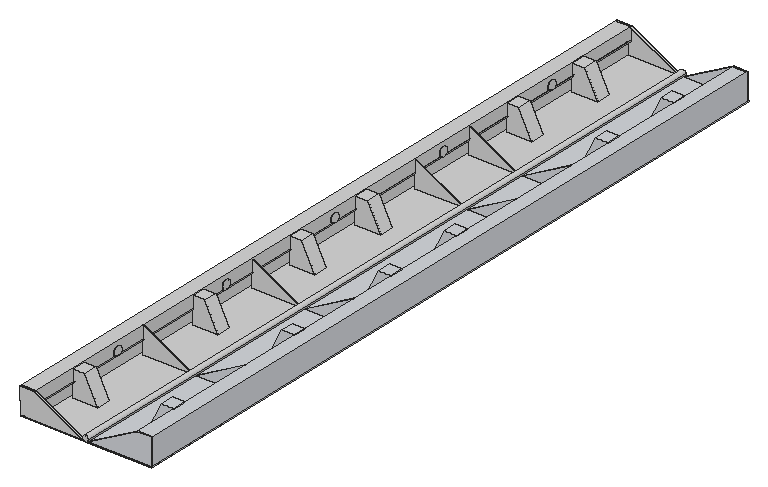
Revit family "ORMA_ORMA HINGED INSIDE CORNER 3,3_1908346", category Generic Models, Revit 2018
Family settings
  Can host rebar = No
  Round Connector Dimension = Use Diameter
  Part Type = Normal
  OmniClass Number = 35.51.14.00
  OmniClass Title = FORMWORK
  Work Plane-Based = Yes
  Always vertical = No
  Cut with Voids When Loaded = No
  Shared = Yes
  Room Calculation Point = No
Parameters
  VERSION = "20190101"  # constant formula
  URL = "www.ulmaconstruction.com/en"
  UNICLASS = ""
  REAL ANGLE [instance] = if(ANGLE < 65.00°, 65.00°, if(ANGLE < 265.00°, ANGLE, 265.00°))  # 180.00°
  ITEM_CODE = "1908346"
  Manufacturer = "ULMA CONSTRUCTION"  # constant formula
  INSERTION PLANE POSITION [instance] = if(19.621 mm - INSERTION PLANE CALCULATION < 0.000 mm, 0.000 mm, 19.621 mm - INSERTION PLANE CALCULATION)  # 19.621 mm
  INSERTION PLANE CALCULATION [instance] = if(REAL ANGLE = 180.00°, 0.000 mm, (12.500 mm * sin(90.00° - REAL ANGLE) + 12.500 mm) * tan(90.00° - REAL ANGLE) + 12.500 mm * cos(90.00° - REAL ANGLE))  # 0.000 mm
  FILTER [instance] = ""
  Default Elevation = 0.000 mm
  CLASSIFICATION_TITLE = ""
  CLASSIFICATION_NUMBER = ""
  ANGLE [instance] = 180.00°
Reference planes
  plane 1 "Centro (Frontal/Posterior)": y = 0
  plane 2: z = 0
  plane 3 "Centro (Izquierda/Derecha)": x = 0
  plane 4 "ITEM_HEIGHT": y = 3300
  plane 5 "CENTER": z = 12.5
  plane 6 "INSERTION PLANE": x = 0
  plane 7 "TIE HOLE 1": y = 560
  plane 8 "TIE HOLE 2": y = 2140
  plane 9 "Centro I/K": y = 3266
  plane 10 "LATERAL HOLE 1": y = 450
  plane 11 "LATERAL HOLE 2": y = 1050
  plane 12 "INSERTION PLANE BASE": x = 19.621
  plane 13 "TIE HOLES": x = -261.5
  plane 14 "Centro I/L": y = 1650
  plane 15 "Centro I/M": y = 2250
  plane 16 "Centro I/N": y = 2850
Forms (mm)
  Extrusion 1, solid, material "ULMA ZINC"
    sketch origin (0, 0, 0) x (1, 0, 0) y (0, 0, 1)
      loop
        circle (0, 12.5) r 12.5
    from -3300 to 0
  Extrusion 2, solid, material "ULMA ZINC", detail levels fine
    sketch origin (0, 0, 0) x (1, 0, 0) y (0, 0, 1)
      loop
        line (-10, 4) -> (-290, 4) -> (-290, 0) -> (-10, 0) -> (-10, 4)
    from -3300 to 0
  Extrusion 3, solid, material "ULMA ZINC", detail levels fine
    sketch origin (0, 0, 0) x (1, 0, 0) y (0, 0, 1)
      loop
        line (-290, 120) -> (-290, 4) -> (-237.5, 4) -> (-237.5, 52.039)
        arc (-237.5, 52.039) -> (-237.085, 53.419) -> (-235.977, 54.341) r 2.5
        line (-235.977, 54.341) -> (-228.656, 57.448)
        arc (-228.656, 57.448) -> (-225.997, 59.66) -> (-225, 62.971) r 6
        line (-225, 62.971) -> (-225, 120) -> (-290, 120)
    from -3294 to -6
  Extrusion 4, solid, material "ULMA ZINC", detail levels fine
    sketch origin (0, 0, 0) x (1, 0, 0) y (0, 0, 1)
      loop
        line (-225, 120) -> (-225, 4) -> (-12, 4) -> (-225, 120)
    from -598 to -602
  Extrusion 5, solid, material "ULMA ZINC", detail levels fine
    sketch origin (0, 0, -4) x (1, 0, 0) y (0, 0, 1)
      loop
        line (-290, 124) -> (-290, 8) -> (-12, 8) -> (-227.145, 124) -> (-290, 124)
    from 0 to -6
  Extrusion 6, solid, material "ULMA ZINC", detail levels fine
    sketch origin (0, 3300, 0) x (-1, 0, 0) y (0, 0, 1)
      loop
        line (290, 120) -> (227.145, 120) -> (12, 4) -> (290, 4) -> (290, 120)
    from 0 to -6
  Extrusion 7, solid, material "ULMA ZINC", detail levels fine
    sketch origin (-225, 207, 1200) x (-1, 0, 0) y (0, 0, 1)
      loop
        line (0, -1080) -> (-55.487, -1080) -> (-112, -1196) -> (0, -1196) -> (0, -1080)
    from 0 to 60
  Extrusion 8, solid, material "ULMA ZINC", detail levels fine
    sketch origin (0, 0, 0) x (1, 0, 0) y (0, 0, 1)
      loop
        line (-225, 120) -> (-225, 4) -> (-12, 4) -> (-225, 120)
    from -1198 to -1202
  Extrusion 9, solid, material "ULMA ZINC", detail levels fine
    sketch origin (0, 0, 0) x (1, 0, 0) y (0, 0, 1)
      loop
        line (-225, 120) -> (-225, 4) -> (-12, 4) -> (-225, 120)
    from -2098 to -2102
  Extrusion 10, solid, material "ULMA ZINC", detail levels fine
    sketch origin (0, 0, 0) x (1, 0, 0) y (0, 0, 1)
      loop
        line (-225, 120) -> (-225, 4) -> (-12, 4) -> (-225, 120)
    from -2398 to -2402
  Extrusion 11, solid, material "ULMA ZINC", detail levels fine
    sketch origin (-225, 870, 1200) x (-1, 0, 0) y (0, 0, 1)
      loop
        line (0, -1080) -> (-55.487, -1080) -> (-112, -1196) -> (0, -1196) -> (0, -1080)
    from 0 to 60
  Extrusion 12, solid, material "ULMA ZINC", detail levels fine
    sketch origin (-225, 1407, 1200) x (-1, 0, 0) y (0, 0, 1)
      loop
        line (0, -1080) -> (-55.487, -1080) -> (-112, -1196) -> (0, -1196) -> (0, -1080)
    from 0 to 60
  Extrusion 13, solid, material "ULMA ZINC", detail levels fine
    sketch origin (-225, 1770, 1200) x (-1, 0, 0) y (0, 0, 1)
      loop
        line (0, -1080) -> (-55.487, -1080) -> (-112, -1196) -> (0, -1196) -> (0, -1080)
    from 0 to 60
  Extrusion 14, solid, material "ULMA ZINC", detail levels fine
    sketch origin (-225, 2970, 1200) x (-1, 0, 0) y (0, 0, 1)
      loop
        line (0, -1080) -> (-55.487, -1080) -> (-112, -1196) -> (0, -1196) -> (0, -1080)
    from 0 to 60
  Extrusion 15, solid, material "ULMA ZINC", detail levels fine
    sketch origin (-225, 0, 62.971) x (0, 0, 1) y (0, -1, 0)
      loop
        circle (23.029, -450) r 19
    from 0 to 8
  Extrusion 16, solid, material "ULMA ZINC", detail levels fine
    sketch origin (-225, 600, 62.971) x (0, 0, 1) y (0, -1, 0)
      loop
        circle (23.029, -450) r 19
    from 0 to 8
  Extrusion 17, solid, material "ULMA ZINC", detail levels coarse+medium
    sketch origin (0, 0, 0) x (1, 0, 0) y (0, 0, 1)
      loop
        line (-290, 120) -> (-290, 0) -> (-4.581, 0) -> (-227.145, 120) -> (-290, 120)
    from 0 to -3300
  Extrusion 18, solid, material "ULMA ZINC", detail levels fine
    sketch origin (-225, 2607, 1200) x (-1, 0, 0) y (0, 0, 1)
      loop
        line (0, -1080) -> (-55.487, -1080) -> (-112, -1196) -> (0, -1196) -> (0, -1080)
    from 0 to 60
  Extrusion 19, solid, material "ULMA ZINC", detail levels fine
    sketch origin (-225, 1200, 62.971) x (0, 0, 1) y (0, -1, 0)
      loop
        circle (23.029, -450) r 19
    from 0 to 8
  Extrusion 20, solid, material "ULMA ZINC", detail levels fine
    sketch origin (-225, 1800, 62.971) x (0, 0, 1) y (0, -1, 0)
      loop
        circle (23.029, -450) r 19
    from 0 to 8
  Extrusion 21, solid, material "ULMA ZINC", detail levels fine
    sketch origin (-225, 2400, 62.971) x (0, 0, 1) y (0, -1, 0)
      loop
        circle (23.029, -450) r 19
    from 0 to 8
Lines and regions (mm)
  reference lines
    curve 1: line (0, 0, 12.5) -> (311.15, 0, 12.5)
    curve 34: line (261.5, 0, 120) -> (261.5, 3300, 120)
    curve 35: line (259.645, 3300, 119) -> (259.645, 3300, -1)
  model lines, style "ULMA PANELS", detail levels fine
    curve 2: circle (-170, 207, 64) r 10.25 normal (0, 1, 0)
    curve 3: circle (-170, 267, 64) r 10.25 normal (0, 1, 0)
    curve 4: circle (-170, 870, 64) r 10.25 normal (0, 1, 0)
    curve 5: circle (-170, 930, 64) r 10.25 normal (0, 1, 0)
    curve 6: circle (-170, 1407, 64) r 10.25 normal (0, 1, 0)
    curve 7: circle (-170, 1467, 64) r 10.25 normal (0, 1, 0)
    curve 8: circle (-170, 1770, 64) r 10.25 normal (0, 1, 0)
    curve 9: circle (-170, 1830, 64) r 10.25 normal (0, 1, 0)
    curve 10: circle (-170, 2970, 64) r 10.25 normal (0, 1, 0)
    curve 11: circle (-170, 3030, 64) r 10.25 normal (0, 1, 0)
    curve 12: circle (-261.5, 560, 0) r 13 normal (0, 0, 1)
    curve 13: arc (-246, 567.5, 120) -> (-261.5, 583, 120) -> (-277, 567.5, 120) r 15.5
    curve 14: line (-277, 552.5, 120) -> (-277, 567.5, 120)
    curve 15: arc (-277, 552.5, 120) -> (-261.5, 537, 120) -> (-246, 552.5, 120) r 15.5
    curve 16: line (-246, 567.5, 120) -> (-246, 552.5, 120)
    curve 17: circle (-261.5, 560, 120) r 13 normal (0, 0, 1)
    curve 18: circle (-261.5, 2140, 0) r 13 normal (0, 0, 1)
    curve 19: arc (-246, 2147.5, 120) -> (-261.5, 2163, 120) -> (-277, 2147.5, 120) r 15.5
    curve 20: line (-277, 2132.5, 120) -> (-277, 2147.5, 120)
    curve 21: arc (-277, 2132.5, 120) -> (-261.5, 2117, 120) -> (-246, 2132.5, 120) r 15.5
    curve 22: line (-246, 2147.5, 120) -> (-246, 2132.5, 120)
    curve 23: circle (-261.5, 2140, 120) r 13 normal (0, 0, 1)
    curve 24: circle (-261.5, 3266, 0) r 13 normal (0, 0, 1)
    curve 25: arc (-246, 3273.5, 120) -> (-261.5, 3289, 120) -> (-277, 3273.5, 120) r 15.5
    curve 26: line (-277, 3258.5, 120) -> (-277, 3273.5, 120)
    curve 27: arc (-277, 3258.5, 120) -> (-261.5, 3243, 120) -> (-246, 3258.5, 120) r 15.5
    curve 28: line (-246, 3273.5, 120) -> (-246, 3258.5, 120)
    curve 29: circle (-261.5, 3266, 120) r 13 normal (0, 0, 1)
    curve 30: circle (-217, 450, 86) r 11 normal (1, 0, 0)
    curve 31: circle (-290, 450, 86) r 11 normal (1, 0, 0)
    curve 32: circle (-217, 1050, 86) r 11 normal (1, 0, 0)
    curve 33: circle (-290, 1050, 86) r 11 normal (1, 0, 0)
    curve 36: circle (-170, 2607, 64) r 10.25 normal (0, 1, 0)
    curve 37: circle (-170, 2667, 64) r 10.25 normal (0, 1, 0)
    curve 38: circle (-217, 1650, 86) r 11 normal (1, 0, 0)
    curve 39: circle (-290, 1650, 86) r 11 normal (1, 0, 0)
    curve 40: circle (-217, 2250, 86) r 11 normal (1, 0, 0)
    curve 41: circle (-290, 2250, 86) r 11 normal (1, 0, 0)
    curve 42: circle (-217, 2850, 86) r 11 normal (1, 0, 0)
    curve 43: circle (-290, 2850, 86) r 11 normal (1, 0, 0)
Dimensions and locks
  locked: plane 1 "Centro (Frontal/Posterior)" to plane 4 "ITEM_HEIGHT" at 3300
  locked: plane 12 "INSERTION PLANE BASE" to plane 3 "Centro (Izquierda/Derecha)" at 19.621
  "INSERTION PLANE POSITION": plane 12 "INSERTION PLANE BASE" to plane 6 "INSERTION PLANE"
  locked: plane 13 "TIE HOLES" to plane 3 "Centro (Izquierda/Derecha)" at 261.5
  "REAL ANGLE": angle curve 1 to plane 5 "CENTER"
  aligned and locked: level to plane 2
  aligned and locked: plane 4 "ITEM_HEIGHT" to Extrusion 1
  aligned and locked: plane 1 "Centro (Frontal/Posterior)" to Extrusion 1
  aligned and locked: plane 3 "Centro (Izquierda/Derecha)" to curve 1
  aligned and locked: plane 5 "CENTER" to curve 1
  aligned and locked: plane 4 "ITEM_HEIGHT" to Extrusion 2
  aligned and locked: plane 4 "ITEM_HEIGHT" to Extrusion 17
Automatic sketch dimensions
  Extrusion 1 sketch curve to plane 3 "Centro (Izquierda/Derecha)" = 0.000 mm
  Extrusion 1 sketch curve to plane 5 "CENTER" = 0.000 mm
  plane 3 "Centro (Izquierda/Derecha)" to Extrusion 2 sketch curve = 10.000 mm
  Extrusion 2 sketch curve to level = 4.000 mm
  Extrusion 5 sketch curve to level = 4.000 mm
  plane 3 "Centro (Izquierda/Derecha)" to Extrusion 5 sketch curve = 290.000 mm
  Extrusion 5 sketch curve to Extrusion 5 sketch curve = 62.855 mm
  plane 3 "Centro (Izquierda/Derecha)" to Extrusion 5 sketch curve = 12.000 mm
  Extrusion 6 sketch curve to plane 3 "Centro (Izquierda/Derecha)" = 227.145 mm
  plane 3 "Centro (Izquierda/Derecha)" to Extrusion 2 sketch curve = 290.000 mm
  Extrusion 2 sketch curve to level = 0.000 mm
  Extrusion 3 sketch curve to level = 4.000 mm
  Extrusion 3 sketch curve to Extrusion 3 sketch curve = 52.500 mm
  plane 3 "Centro (Izquierda/Derecha)" to Extrusion 3 sketch curve = 237.500 mm
  Extrusion 3 sketch curve to Extrusion 3 sketch curve = 48.039 mm
  Extrusion 3 sketch curve to Extrusion 3 sketch curve = 67.961 mm
  Extrusion 3 sketch curve to Extrusion 3 sketch curve = 1.523 mm
  Extrusion 3 sketch curve to Extrusion 3 sketch curve = 0.977 mm
  Extrusion 3 sketch curve to plane 5 "CENTER" = 44.948 mm
  Extrusion 3 sketch curve to Extrusion 3 sketch curve = 7.321 mm
  Extrusion 3 sketch curve to Extrusion 3 sketch curve = 3.656 mm
  Extrusion 3 sketch curve to Extrusion 3 sketch curve = 5.523 mm
  Extrusion 4 sketch curve to plane 5 "CENTER" = 107.500 mm
  Extrusion 4 sketch curve to Extrusion 4 sketch curve = 213.000 mm
  Extrusion 4 sketch curve to level = 4.000 mm
  plane 3 "Centro (Izquierda/Derecha)" to Extrusion 4 sketch curve = 12.000 mm
  Extrusion 5 sketch curve to plane 5 "CENTER" = 107.500 mm
  level to Extrusion 6 sketch curve = 4.000 mm
  Extrusion 6 sketch curve to Extrusion 6 sketch curve = 62.855 mm
  Extrusion 6 sketch curve to plane 3 "Centro (Izquierda/Derecha)" = 12.000 mm
  plane 5 "CENTER" to Extrusion 6 sketch curve = 107.500 mm
  Extrusion 8 sketch curve to level = 4.000 mm
  plane 3 "Centro (Izquierda/Derecha)" to Extrusion 8 sketch curve = 225.000 mm
  plane 3 "Centro (Izquierda/Derecha)" to Extrusion 8 sketch curve = 12.000 mm
  Extrusion 8 sketch curve to plane 5 "CENTER" = 107.500 mm
  Extrusion 9 sketch curve to level = 4.000 mm
  plane 3 "Centro (Izquierda/Derecha)" to Extrusion 9 sketch curve = 225.000 mm
  plane 3 "Centro (Izquierda/Derecha)" to Extrusion 9 sketch curve = 12.000 mm
  Extrusion 9 sketch curve to plane 5 "CENTER" = 107.500 mm
  Extrusion 10 sketch curve to level = 4.000 mm
  plane 3 "Centro (Izquierda/Derecha)" to Extrusion 10 sketch curve = 225.000 mm
  plane 3 "Centro (Izquierda/Derecha)" to Extrusion 10 sketch curve = 12.000 mm
  Extrusion 10 sketch curve to plane 5 "CENTER" = 107.500 mm
  Extrusion 7 sketch curve to Extrusion 7 sketch curve = 56.513 mm
  Extrusion 7 sketch curve to Extrusion 7 sketch curve = 112.000 mm
  Extrusion 7 sketch curve to Extrusion 7 sketch curve = 116.000 mm
  Extrusion 11 sketch curve to Extrusion 11 sketch curve = 56.513 mm
  Extrusion 11 sketch curve to Extrusion 11 sketch curve = 112.000 mm
  Extrusion 11 sketch curve to Extrusion 11 sketch curve = 116.000 mm
  Extrusion 12 sketch curve to Extrusion 12 sketch curve = 56.513 mm
  Extrusion 12 sketch curve to Extrusion 12 sketch curve = 112.000 mm
  Extrusion 12 sketch curve to Extrusion 12 sketch curve = 116.000 mm
  Extrusion 13 sketch curve to Extrusion 13 sketch curve = 56.513 mm
  Extrusion 13 sketch curve to Extrusion 13 sketch curve = 112.000 mm
  Extrusion 13 sketch curve to Extrusion 13 sketch curve = 116.000 mm
  Extrusion 14 sketch curve to Extrusion 14 sketch curve = 56.513 mm
  Extrusion 14 sketch curve to Extrusion 14 sketch curve = 112.000 mm
  Extrusion 14 sketch curve to Extrusion 14 sketch curve = 116.000 mm
  Extrusion 17 sketch curve to level = 0.000 mm
  Extrusion 17 sketch curve to plane 3 "Centro (Izquierda/Derecha)" = 290.000 mm
  Extrusion 17 sketch curve to Extrusion 17 sketch curve = 62.855 mm
  Extrusion 17 sketch curve to plane 3 "Centro (Izquierda/Derecha)" = 4.581 mm
  plane 5 "CENTER" to Extrusion 17 sketch curve = 107.500 mm
  curve 35 to curve 35 = 105.625 mm
  curve 35 to curve 35 = 56.950 mm
  Extrusion 18 sketch curve to Extrusion 18 sketch curve = 56.513 mm
  Extrusion 18 sketch curve to Extrusion 18 sketch curve = 112.000 mm
  Extrusion 18 sketch curve to Extrusion 18 sketch curve = 116.000 mm
  curve 34 to curve 34 = 3300.000 mm
  curve 24 to plane 9 "Centro I/K" = 0.000 mm
  curve 24 to plane 13 "TIE HOLES" = 0.000 mm
  curve 25 to Extrusion 3 = 28.500 mm
  curve 29 to curve 25 = 0.000 mm
  Extrusion 3 to curve 27 = 35.500 mm
  curve 27 to curve 29 = 7.500 mm
  curve 29 to curve 25 = 7.500 mm
  curve 26 to Extrusion 3 = 13.000 mm
  level to Extrusion 14 sketch curve = 4.000 mm
  Extrusion 14 sketch curve to plane 3 "Centro (Izquierda/Derecha)" = 113.000 mm
  Extrusion 14 to curve 10 = 55.000 mm
  Extrusion 14 to curve 10 = 56.000 mm
  curve 11 to Extrusion 14 = 55.000 mm
  curve 11 to Extrusion 14 = 56.000 mm
  Extrusion 21 sketch curve to plane 16 "Centro I/N" = 0.000 mm
  plane 5 "CENTER" to Extrusion 21 sketch curve = 73.500 mm
  curve 43 to plane 16 "Centro I/N" = 0.000 mm
  plane 5 "CENTER" to curve 43 = 73.500 mm
  level to Extrusion 18 sketch curve = 4.000 mm
  Extrusion 18 sketch curve to plane 3 "Centro (Izquierda/Derecha)" = 113.000 mm
  Extrusion 18 to curve 36 = 55.000 mm
  Extrusion 18 to curve 36 = 56.000 mm
  curve 37 to Extrusion 18 = 55.000 mm
  curve 37 to Extrusion 18 = 56.000 mm
  Extrusion 20 sketch curve to plane 15 "Centro I/M" = 0.000 mm
  plane 5 "CENTER" to Extrusion 20 sketch curve = 73.500 mm
  curve 41 to plane 15 "Centro I/M" = 0.000 mm
  plane 5 "CENTER" to curve 41 = 73.500 mm
  curve 18 to plane 8 "TIE HOLE 2" = 0.000 mm
  curve 18 to plane 13 "TIE HOLES" = 0.000 mm
  curve 21 to Extrusion 3 = 28.500 mm
  curve 19 to curve 23 = 0.000 mm
  curve 19 to curve 27 = 1111.000 mm
  curve 23 to curve 19 = 7.500 mm
  curve 21 to curve 23 = 7.500 mm
  curve 21 to Extrusion 3 = 13.000 mm
  level to Extrusion 13 sketch curve = 4.000 mm
  Extrusion 13 sketch curve to plane 3 "Centro (Izquierda/Derecha)" = 113.000 mm
  Extrusion 13 to curve 8 = 55.000 mm
  Extrusion 13 to curve 8 = 56.000 mm
  curve 9 to Extrusion 13 = 55.000 mm
  curve 9 to Extrusion 13 = 56.000 mm
  Extrusion 19 sketch curve to plane 14 "Centro I/L" = 0.000 mm
  plane 5 "CENTER" to Extrusion 19 sketch curve = 73.500 mm
  curve 39 to plane 14 "Centro I/L" = 0.000 mm
  plane 5 "CENTER" to curve 39 = 73.500 mm
  level to Extrusion 12 sketch curve = 4.000 mm
  Extrusion 12 sketch curve to plane 3 "Centro (Izquierda/Derecha)" = 113.000 mm
  Extrusion 12 to curve 6 = 55.000 mm
  Extrusion 12 to curve 6 = 56.000 mm
  curve 7 to Extrusion 12 = 55.000 mm
  curve 7 to Extrusion 12 = 56.000 mm
  Extrusion 16 sketch curve to plane 11 "LATERAL HOLE 2" = 0.000 mm
  plane 5 "CENTER" to Extrusion 16 sketch curve = 73.500 mm
  curve 33 to plane 11 "LATERAL HOLE 2" = 0.000 mm
  plane 5 "CENTER" to curve 33 = 73.500 mm
  level to Extrusion 11 sketch curve = 4.000 mm
  Extrusion 11 sketch curve to plane 3 "Centro (Izquierda/Derecha)" = 113.000 mm
  Extrusion 11 to curve 4 = 55.000 mm
  Extrusion 11 to curve 4 = 56.000 mm
  curve 5 to Extrusion 11 = 55.000 mm
  curve 5 to Extrusion 11 = 56.000 mm
  curve 12 to plane 7 "TIE HOLE 1" = 0.000 mm
  curve 12 to plane 13 "TIE HOLES" = 0.000 mm
  curve 13 to plane 13 "TIE HOLES" = 0.000 mm
  curve 17 to plane 7 "TIE HOLE 1" = 0.000 mm
  curve 17 to plane 13 "TIE HOLES" = 0.000 mm
  curve 15 to plane 7 "TIE HOLE 1" = 7.500 mm
  curve 17 to curve 13 = 7.500 mm
  curve 14 to plane 13 "TIE HOLES" = 15.500 mm
  Extrusion 15 sketch curve to plane 10 "LATERAL HOLE 1" = 0.000 mm
  plane 5 "CENTER" to Extrusion 15 sketch curve = 73.500 mm
  curve 31 to plane 10 "LATERAL HOLE 1" = 0.000 mm
  plane 5 "CENTER" to curve 31 = 73.500 mm
  level to Extrusion 7 sketch curve = 4.000 mm
  Extrusion 7 sketch curve to plane 3 "Centro (Izquierda/Derecha)" = 113.000 mm
  Extrusion 7 to curve 2 = 55.000 mm
  Extrusion 7 to curve 2 = 56.000 mm
  curve 3 to Extrusion 7 = 55.000 mm
  curve 3 to Extrusion 7 = 56.000 mm
  radius of Extrusion 1 sketch curve = 12.500 mm
  radius of Extrusion 15 sketch curve = 19.000 mm
  radius of curve 30 to Extrusion 15 = 8.000 mm  (x2)
  radius of curve 31 = 11.000 mm  (x2)
  radius of Extrusion 16 sketch curve = 19.000 mm
  radius of curve 32 to Extrusion 16 = 8.000 mm  (x2)
  radius of curve 33 = 11.000 mm  (x2)
  radius of Extrusion 19 sketch curve = 19.000 mm
  radius of curve 38 to Extrusion 19 = 8.000 mm  (x2)
  radius of curve 39 = 11.000 mm  (x2)
  radius of Extrusion 20 sketch curve = 19.000 mm
  radius of curve 40 to Extrusion 20 = 8.000 mm  (x2)
  radius of curve 41 = 11.000 mm  (x2)
  radius of Extrusion 21 sketch curve = 19.000 mm
  radius of curve 42 to Extrusion 21 = 8.000 mm  (x2)
  radius of curve 43 = 11.000 mm  (x2)
  radius of curve 24 = 13.000 mm
  radius of curve 29 = 13.000 mm
  radius of curve 10 = 10.250 mm
  radius of curve 11 = 10.250 mm
  radius of curve 36 = 10.250 mm
  radius of curve 37 = 10.250 mm
  radius of curve 18 = 13.000 mm
  radius of curve 23 = 13.000 mm
  radius of curve 8 = 10.250 mm
  radius of curve 9 = 10.250 mm
  radius of curve 6 = 10.250 mm
  radius of curve 7 = 10.250 mm
  radius of curve 4 = 10.250 mm
  radius of curve 5 = 10.250 mm
  radius of curve 12 = 13.000 mm
  radius of curve 17 = 13.000 mm
  radius of curve 2 = 10.250 mm
  radius of curve 3 = 10.250 mm
Nested families
  nested 1: "LATERAL ESCUADRA INT G - 1908347_PANELS" at (0, 0, 0) x (-1, 0, 0) z (0, 0, 1), type "LATERAL ESCUADRA INT G - 1908347_PANELS"
    with FILTER ""
Definition of nested family "LATERAL ESCUADRA INT G - 1908347_PANELS"
  Parameters (values of type "LATERAL ESCUADRA INT G - 1908347_PANELS")
    VERSION = "20190101"  # constant formula
    URL = "www.ulmaconstruction.com/en"
    UNICLASS = ""
    Manufacturer = "ULMA CONSTRUCTION"  # constant formula
    FILTER [instance] = ""
    Default Elevation = 0.000 mm
    CLASSIFICATION_TITLE = ""
    CLASSIFICATION_NUMBER = ""
  Reference planes
    plane 1 "Centro (Frontal/Posterior)": y = 0
    plane 2: z = 0
    plane 3 "Centro (Izquierda/Derecha)": x = 0
    plane 4 "ITEM_HEIGHT": y = 3300
    plane 5 "CENTER": z = 12.5
    plane 6 "TIE HOLE 1": y = 560
    plane 7 "TIE HOLE 2": y = 2140
    plane 8 "Centro I/K": y = 3266
    plane 9 "LATERAL HOLE 1": y = 450
    plane 10 "LATERAL HOLE 2": y = 1050
    plane 11 "TIE HOLES": x = -261.5
    plane 12 "Centro I/L": y = 1650
    plane 13 "Centro I/M": y = 2250
    plane 14 "Centro I/N": y = 2850
  Forms (mm)
    Extrusion 1, solid, detail levels fine
      sketch origin (0, 0, 0) x (1, 0, 0) y (0, 0, 1)
        loop
          line (-10, 4) -> (-290, 4) -> (-290, 0) -> (-10, 0) -> (-10, 4)
      from -3300 to 0
    Extrusion 2, solid, detail levels fine
      sketch origin (0, 0, 0) x (1, 0, 0) y (0, 0, 1)
        loop
          line (-290, 120) -> (-290, 4) -> (-237.5, 4) -> (-237.5, 52.039)
          arc (-237.5, 52.039) -> (-237.085, 53.419) -> (-235.977, 54.341) r 2.5
          line (-235.977, 54.341) -> (-228.656, 57.448)
          arc (-228.656, 57.448) -> (-225.997, 59.66) -> (-225, 62.971) r 6
          line (-225, 62.971) -> (-225, 120) -> (-290, 120)
      from -3294 to -6
    Extrusion 3, solid, detail levels fine
      sketch origin (0, 0, 0) x (1, 0, 0) y (0, 0, 1)
        loop
          line (-225, 120) -> (-225, 4) -> (-12, 4) -> (-225, 120)
      from -598 to -602
    Extrusion 4, solid, detail levels fine
      sketch origin (0, 0, -4) x (1, 0, 0) y (0, 0, 1)
        loop
          line (-290, 124) -> (-290, 8) -> (-12, 8) -> (-227.145, 124) -> (-290, 124)
      from 0 to -6
    Extrusion 5, solid, detail levels fine
      sketch origin (0, 3300, 0) x (-1, 0, 0) y (0, 0, 1)
        loop
          line (290, 120) -> (227.145, 120) -> (12, 4) -> (290, 4) -> (290, 120)
      from 0 to -6
    Extrusion 6, solid, detail levels fine
      sketch origin (-225, 207, 1200) x (-1, 0, 0) y (0, 0, 1)
        loop
          line (0, -1080) -> (-55.487, -1080) -> (-112, -1196) -> (0, -1196) -> (0, -1080)
      from 0 to 60
    Extrusion 7, solid, detail levels fine
      sketch origin (0, 0, 0) x (1, 0, 0) y (0, 0, 1)
        loop
          line (-225, 120) -> (-225, 4) -> (-12, 4) -> (-225, 120)
      from -1198 to -1202
    Extrusion 8, solid, detail levels fine
      sketch origin (0, 0, 0) x (1, 0, 0) y (0, 0, 1)
        loop
          line (-225, 120) -> (-225, 4) -> (-12, 4) -> (-225, 120)
      from -2098 to -2102
    Extrusion 9, solid, detail levels fine
      sketch origin (0, 0, 0) x (1, 0, 0) y (0, 0, 1)
        loop
          line (-225, 120) -> (-225, 4) -> (-12, 4) -> (-225, 120)
      from -2398 to -2402
    Extrusion 10, solid, detail levels fine
      sketch origin (-225, 870, 1200) x (-1, 0, 0) y (0, 0, 1)
        loop
          line (0, -1080) -> (-55.487, -1080) -> (-112, -1196) -> (0, -1196) -> (0, -1080)
      from 0 to 60
    Extrusion 11, solid, detail levels fine
      sketch origin (-225, 1407, 1200) x (-1, 0, 0) y (0, 0, 1)
        loop
          line (0, -1080) -> (-55.487, -1080) -> (-112, -1196) -> (0, -1196) -> (0, -1080)
      from 0 to 60
    Extrusion 12, solid, detail levels fine
      sketch origin (-225, 1770, 1200) x (-1, 0, 0) y (0, 0, 1)
        loop
          line (0, -1080) -> (-55.487, -1080) -> (-112, -1196) -> (0, -1196) -> (0, -1080)
      from 0 to 60
    Extrusion 13, solid, detail levels fine
      sketch origin (-225, 2970, 1200) x (-1, 0, 0) y (0, 0, 1)
        loop
          line (0, -1080) -> (-55.487, -1080) -> (-112, -1196) -> (0, -1196) -> (0, -1080)
      from 0 to 60
    Extrusion 14, solid, detail levels fine
      sketch origin (-225, 0, 62.971) x (0, 0, 1) y (0, -1, 0)
        loop
          circle (23.029, -450) r 19
      from 0 to 8
    Extrusion 15, solid, detail levels fine
      sketch origin (-225, 600, 62.971) x (0, 0, 1) y (0, -1, 0)
        loop
          circle (23.029, -450) r 19
      from 0 to 8
    Extrusion 16, solid, detail levels coarse+medium
      sketch origin (0, 0, 0) x (1, 0, 0) y (0, 0, 1)
        loop
          line (-290, 120) -> (-290, 0) -> (-4.581, 0) -> (-227.145, 120) -> (-290, 120)
      from 0 to -3300
    Extrusion 17, solid, detail levels fine
      sketch origin (-225, 2607, 1200) x (-1, 0, 0) y (0, 0, 1)
        loop
          line (0, -1080) -> (-55.487, -1080) -> (-112, -1196) -> (0, -1196) -> (0, -1080)
      from 0 to 60
    Extrusion 18, solid, detail levels fine
      sketch origin (-225, 1200, 62.971) x (0, 0, 1) y (0, -1, 0)
        loop
          circle (23.029, -450) r 19
      from 0 to 8
    Extrusion 19, solid, detail levels fine
      sketch origin (-225, 1800, 62.971) x (0, 0, 1) y (0, -1, 0)
        loop
          circle (23.029, -450) r 19
      from 0 to 8
    Extrusion 20, solid, detail levels fine
      sketch origin (-225, 2400, 62.971) x (0, 0, 1) y (0, -1, 0)
        loop
          circle (23.029, -450) r 19
      from 0 to 8
  Lines and regions (mm)
    model lines, detail levels fine
      curve 1: circle (-170, 207, 64) r 10.25 normal (0, 1, 0)
      curve 2: circle (-170, 267, 64) r 10.25 normal (0, 1, 0)
      curve 3: circle (-170, 870, 64) r 10.25 normal (0, 1, 0)
      curve 4: circle (-170, 930, 64) r 10.25 normal (0, 1, 0)
      curve 5: circle (-170, 1407, 64) r 10.25 normal (0, 1, 0)
      curve 6: circle (-170, 1467, 64) r 10.25 normal (0, 1, 0)
      curve 7: circle (-170, 1770, 64) r 10.25 normal (0, 1, 0)
      curve 8: circle (-170, 1830, 64) r 10.25 normal (0, 1, 0)
      curve 9: circle (-170, 2970, 64) r 10.25 normal (0, 1, 0)
      curve 10: circle (-170, 3030, 64) r 10.25 normal (0, 1, 0)
      curve 11: circle (-261.5, 560, 0) r 13 normal (0, 0, 1)
      curve 12: arc (-246, 567.5, 120) -> (-261.5, 583, 120) -> (-277, 567.5, 120) r 15.5
      curve 13: line (-277, 552.5, 120) -> (-277, 567.5, 120)
      curve 14: arc (-277, 552.5, 120) -> (-261.5, 537, 120) -> (-246, 552.5, 120) r 15.5
      curve 15: line (-246, 567.5, 120) -> (-246, 552.5, 120)
      curve 16: circle (-261.5, 560, 120) r 13 normal (0, 0, 1)
      curve 17: circle (-261.5, 2140, 0) r 13 normal (0, 0, 1)
      curve 18: arc (-246, 2147.5, 120) -> (-261.5, 2163, 120) -> (-277, 2147.5, 120) r 15.5
      curve 19: line (-277, 2132.5, 120) -> (-277, 2147.5, 120)
      curve 20: arc (-277, 2132.5, 120) -> (-261.5, 2117, 120) -> (-246, 2132.5, 120) r 15.5
      curve 21: line (-246, 2147.5, 120) -> (-246, 2132.5, 120)
      curve 22: circle (-261.5, 2140, 120) r 13 normal (0, 0, 1)
      curve 23: circle (-261.5, 3266, 0) r 13 normal (0, 0, 1)
      curve 24: arc (-246, 3273.5, 120) -> (-261.5, 3289, 120) -> (-277, 3273.5, 120) r 15.5
      curve 25: line (-277, 3258.5, 120) -> (-277, 3273.5, 120)
      curve 26: arc (-277, 3258.5, 120) -> (-261.5, 3243, 120) -> (-246, 3258.5, 120) r 15.5
      curve 27: line (-246, 3273.5, 120) -> (-246, 3258.5, 120)
      curve 28: circle (-261.5, 3266, 120) r 13 normal (0, 0, 1)
      curve 29: circle (-217, 450, 86) r 11 normal (1, 0, 0)
      curve 30: circle (-290, 450, 86) r 11 normal (1, 0, 0)
      curve 31: circle (-217, 1050, 86) r 11 normal (1, 0, 0)
      curve 32: circle (-290, 1050, 86) r 11 normal (1, 0, 0)
      curve 33: circle (-170, 2607, 64) r 10.25 normal (0, 1, 0)
      curve 34: circle (-170, 2667, 64) r 10.25 normal (0, 1, 0)
      curve 35: circle (-217, 1650, 86) r 11 normal (1, 0, 0)
      curve 36: circle (-290, 1650, 86) r 11 normal (1, 0, 0)
      curve 37: circle (-217, 2250, 86) r 11 normal (1, 0, 0)
      curve 38: circle (-290, 2250, 86) r 11 normal (1, 0, 0)
      curve 39: circle (-217, 2850, 86) r 11 normal (1, 0, 0)
      curve 40: circle (-290, 2850, 86) r 11 normal (1, 0, 0)
  Dimensions and locks
    locked: plane 1 "Centro (Frontal/Posterior)" to plane 4 "ITEM_HEIGHT" at 3300
    aligned and locked: level to plane 2
    aligned and locked: plane 4 "ITEM_HEIGHT" to Extrusion 1
    aligned and locked: plane 4 "ITEM_HEIGHT" to Extrusion 16
